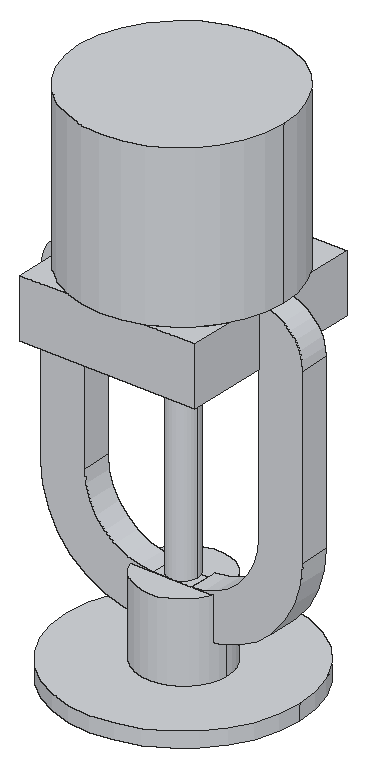
Revit family
Parameters (values of type "RASCO F156 PENDENT")
  Temperature Rating = 135 °F
  Response = (empty or 0)
  RASCO SIN # = "RA1314"
  RASCO Part # = "F56P0B"
  Pressure Rating = "175 PSI"
  Pressure Class = (empty or 0)
  Orifice Size = 1/2"
  Orifice = (empty or 0)
  Model = "F156"
  Manufacturer = "RASCO"
  K-Factor = 5.6
  Description = "BRZ. FINISH"
  Coverage = (empty or 0)
Reference planes (in)
  plane 1 "Center (Front/Back)": y = 0
  plane 2: z = 0
  plane 3 "Center (Left/Right)": x = 0
Dimensions and locks (in)
  aligned and locked: plane 2 to level
Nested families (in)
  nested 1: "F56P0B" at (-0.0113, 0, 2.4375) x (-1, 0, 0) z (0, 0, -1), type "RASCO F156 PENDENT"
Connectors (in)
  piping at (-0.0113, 0, 2.4375)
    settings: on nested 1, index 1, connector radius 55/128", flow factor 0, pipe flow 0 GPM, pressure drop 0.00 psi, fitting loss kfactor 0, connector angle 0.00°, fixture units 0, flow configuration 0, flow direction 0, fitting loss method 0, system type 7, connector reference index -1, connector utility 0, adjustable connector no, is connector primary yes, fitting loss table "", connector description ""
Definition of nested family "F56P0B"
  Parameters (values of type "RASCO F156 PENDENT")
    Type Comments = ""
    Temperature Rating = 0 °F
    Response = (empty or 0)
    Pressure Rating = "0"
    Pressure Class = (empty or 0)
    Orifice Size = 0"
    Orifice = (empty or 0)
    Model = ""
    Manufacturer = ""
    K-Factor = 0
    Description = ""
    Coverage = (empty or 0)
    Assembly Code = ""
  Reference planes (in)
    plane 1 "Center (Front/Back)": y = 0
    plane 2: z = 0
    plane 3 "ref.2": z = 0.6875
    plane 4 "ref.3": z = 0.9375
    plane 5: x = -0.38065
    plane 6: x = 0.36935
    plane 7 "ref. side 1": y = 0.06402
    plane 8 "ref. side 2": y = -0.06098
    plane 9 "ref.4": z = 1.875
    plane 10 "ref.5": z = 2.3125
    plane 11 "ref.6": z = 2.4375
  Forms (in)
    Extrusion 1, solid
      sketch origin (0, 0, 0) x (1, 0, 0) y (0, 1, 0)
        loop
          circle (0, 0) r 0.4379
      from 0 to 0.6875
    Extrusion 2, solid
      sketch origin (-0.12185, 0.05177, 0.6875) x (1, 0, 0) y (0, 1, 0)
        loop
          line (-0.2588, 0.356) -> (-0.2588, -0.4565) -> (0.4912, -0.4565) -> (0.4912, 0.356) -> (-0.2588, 0.356)
      from 0 to 0.25
    Extrusion 3, solid
      sketch origin (0, 0, 0) x (1, 0, 0) y (0, 0, 1)
        loop
          line (-0.38065, 0.68754) -> (-0.38065, 1.58397)
          arc (-0.38065, 1.58397) -> (-0.29541, 1.78976) -> (-0.08962, 1.875) r 0.29103
          line (-0.08962, 1.875) -> (0.07524, 1.875)
          arc (0.07524, 1.875) -> (0.28321, 1.78886) -> (0.36935, 1.58089) r 0.29411
          line (0.36935, 1.58089) -> (0.36935, 0.68751)
          arc (0.36935, 0.68751) -> (0.50207, 0.74393) -> (0.55685, 0.87734) r 0.18984
          line (0.55685, 0.87734) -> (0.55685, 1.61676)
          arc (0.55685, 1.61676) -> (0.42629, 1.93194) -> (0.11111, 2.0625) r 0.44574
          line (0.11111, 2.0625) -> (-0.12259, 2.0625)
          arc (-0.12259, 2.0625) -> (-0.43765, 1.932) -> (-0.56815, 1.61694) r 0.44556
          line (-0.56815, 1.61694) -> (-0.56815, 0.87876)
          arc (-0.56815, 0.87876) -> (-0.51345, 0.74486) -> (-0.38065, 0.68754) r 0.19126
      from -0.06402 to 0.06098
    Extrusion 4, solid
      sketch origin (0, 0, 0.9375) x (-1, 0, 0) y (0, -1, 0)
        loop
          circle (0.00574, -0.00152) r 0.0625
      from 0 to 0.9375
    Extrusion 5, solid
      sketch origin (0, 0, 1.875) x (-1, 0, 0) y (0, -1, 0)
        loop
          circle (0.00574, -0.00152) r 0.1875
      from 0 to 0.4375
    Extrusion 6, solid
      sketch origin (0, 0, 2.3125) x (0, -1, 0) y (1, 0, 0)
        loop
          circle (-0.00152, -0.00574) r 0.5
      from -0.10531 to -0.03987
  Cuts and joins
    joined: Extrusion 1, Extrusion 2, Extrusion 4
  Lines and regions (in)
    model lines
      curve 1: line (-0.00574, 0.06402, 1.875) -> (-0.00574, -0.06098, 1.875)
